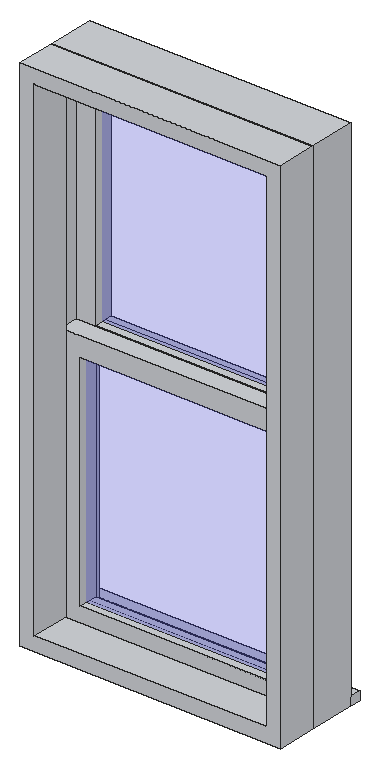
Revit family "上下拉窗1", category 窗, Revit 2018
Family settings
  主体 = 墙
  总是垂直 = 是
  加载时剪切的空心 = 否
  共享 = 否
  房间计算点 = 否
Parameters (values of type "600 x 1200mm")
  窗扇框宽度 = 45.00 mm
  窗扇框厚度 = 45.00 mm
  Visual Light Transmittance = 0.9
  Solar Heat Gain Coefficient = 0.86
  窗台材质 = none
  Rough Width = 宽度  # 600.00 mm
  Rough Height = 高度  # 1200.00 mm
  构造类型 ID = ""
  高窗平面 [instance] = not(通用窗平面)  # no
  传热系数(U) = 5.5617 W/(m²·K)
  玻璃 = none
  高度 = 1200.00 mm
  通用窗平面 [instance] = yes
  框架宽度 = 20.00 mm
  框架材质 = none
  默认窗台高度 = 900.00 mm
  墙闭合 = 按主体
  宽度 = 600.00 mm
  窗嵌入 = 20.00 mm
  分析构造 = 大型单层玻璃窗
Reference planes
  plane 1 "中心(前/后)": y = 0
  plane 2: z = 0
  plane 3 "中心(左/右)": x = 0
  plane 4 "左": x = -300
  plane 5 "右": x = 300
  plane 6 "窗台": z = 900
  plane 7 "水头": z = 2100
  plane 8 "外部": y = 99.762
  plane 9 "内部": y = -100.238
  plane 10: x = -268
  plane 11: x = -280
  plane 12: x = 280
  plane 13: x = -235
  plane 14: x = 235
  plane 15: z = 1477.5
  plane 16: z = 1522.5
  plane 17: z = 2035
  plane 18: z = 965
  plane 19: y = 79.762
  plane 20 "轴线": y = 34.762
  plane 21: x = 268
  plane 22: y = 57.262
  plane 23: z = 1500
  plane 24: z = 920
  plane 25: z = 2080
  plane 26: z = 1200
  plane 27: y = -10.238
  plane 28: y = 12.262
Forms (mm)
  Extrusion 1, solid, material <- "框架材质"
    sketch origin (0, 0, 0) x (1, 0, 0) y (0, 0, 1)
      loop
        line (-300, 2100) -> (-300, 900) -> (300, 900) -> (300, 2100) -> (-300, 2100)
      loop
        line (-280, 2080) -> (-280, 920) -> (280, 920) -> (280, 2080) -> (-280, 2080)
    from -99.762 to 10.238
  Extrusion 2, solid, material <- "框架材质"
    sketch origin (0, 0, 0) x (-1, 0, 0) y (0, 0, 1)
      loop
        line (-300, 2100) -> (-300, 900) -> (300, 900) -> (300, 2100) -> (-300, 2100)
      loop
        line (-268, 2068) -> (-268, 932) -> (268, 932) -> (268, 2068) -> (-268, 2068)
    from -10.238 to -100.238
  Extrusion 3, solid, material <- "框架材质"
    sketch origin (0, 0, 0) x (-1, 0, 0) y (0, 0, 1)
      loop
        line (-280, 2080) -> (-280, 1477.5) -> (280, 1477.5) -> (280, 2080) -> (-280, 2080)
      loop
        line (-235, 2035) -> (-235, 1522.5) -> (235, 1522.5) -> (235, 2035) -> (-235, 2035)
    from 34.762 to 79.762
  Extrusion 4, solid, material <- "窗台材质", detail levels fine
    sketch origin (0, 0, 0) x (-1, 0, 0) y (0, 0, 1)
      loop
        line (-300, 920) -> (-300, 900) -> (300, 900) -> (300, 920) -> (-300, 920)
    from 99.762 to 124.762
  Extrusion 5, solid, material <- "框架材质"
    sketch origin (0, -90, 0) x (-1, 0, 0) y (0, 0, 1)
      loop
        line (-280, 1522.5) -> (-280, 920) -> (280, 920) -> (280, 1522.5) -> (-280, 1522.5)
      loop
        line (-235, 1477.5) -> (-235, 965) -> (235, 965) -> (235, 1477.5) -> (-235, 1477.5)
    from 79.762 to 124.762
  Extrusion 6, solid, material <- "玻璃"
    sketch origin (0, 79.762, 0) x (-1, 0, 0) y (0, 0, 1)
      loop
        line (-235, 1477.5) -> (-235, 965) -> (235, 965) -> (235, 1477.5) -> (-235, 1477.5)
    from -72.5 to -62.5
  Extrusion 7, solid, material <- "玻璃"
    sketch origin (0, 79.762, 0) x (-1, 0, 0) y (0, 0, 1)
      loop
        line (-235, 2035) -> (-235, 1522.5) -> (235, 1522.5) -> (235, 2035) -> (-235, 2035)
    from -27.5 to -17.5
Lines and regions (mm)
  Opening 1
    outline origin (-1524, -100.238, 0) x (1, 0, 0) y (0, 0, 1)
      loop
        line (1224, 2100) -> (1224, 900) -> (1824, 900) -> (1824, 2100) -> (1224, 2100)
  Masking region 1, visible <- "通用窗平面"
    outline origin (0, 0, 0) x (1, 0, 0) y (0, 1, 0)
      loop
        line (-300, 99.762) -> (-300, -100.238) -> (300, -100.238) -> (300, 99.762) -> (-300, 99.762)
  Masking region 2
    outline origin (0, 0, 0) x (0, 1, 0) y (0, 0, 1)
      loop
        line (99.762, 2100) -> (-100.238, 2100) -> (-100.238, 900) -> (99.762, 900) -> (99.762, 2100)
  symbolic lines, style "平/剖面打开方向 - 实线", visible <- "通用窗平面"
    curve 1: line (-300, 99.762, 0) -> (-300, -100.238, 0)
    curve 2: line (300, 99.762, 0) -> (300, -100.238, 0)
    curve 3: line (-300, -100.238, 0) -> (300, -100.238, 0)
    curve 4: line (-300, 99.762, 0) -> (300, 99.762, 0)
    curve 5: line (300, 19.762, 0) -> (-300, 19.762, 0)
    curve 6: line (300, -20.238, 0) -> (-300, -20.238, 0)
  symbolic lines, style "平面打开方向 - 划线", visible <- "高窗平面"
    curve 7: line (-300, -20.238, 0) -> (300, -20.238, 0)
    curve 8: line (-300, 19.762, 0) -> (300, 19.762, 0)
    curve 9: line (-300, 99.762, 0) -> (-300, -100.238, 0)
    curve 10: line (300, 99.762, 0) -> (300, -100.238, 0)
  symbolic lines, style "平/剖面打开方向 - 实线"
    curve 11: line (0, 19.762, 2100) -> (0, 19.762, 900)
    curve 12: line (0, -20.238, 2100) -> (0, -20.238, 900)
    curve 13: line (0, 100, 2100) -> (0, -100.238, 2100)
    curve 14: line (0, 100, 900) -> (0, -100.238, 900)
    curve 15: line (0, 100, 900) -> (0, 100, 2100)
    curve 16: line (0, -100.238, 900) -> (0, -100.238, 2100)
  symbolic lines, style "InvisibleLines"
    curve 17: line (300, 79.762, 1500) -> (-300, 79.762, 1500)
  symbolic lines, style "立面打开方向 - 实线"
    curve 18: line (0, 79.762, 1350) -> (0, 79.762, 1050)
    curve 19: line (0, 79.762, 1350) -> (-34.202, 79.762, 1256.031)
    curve 20: line (0, 79.762, 1350) -> (34.202, 79.762, 1256.031)
Text (mm)
  text "EXTERIOR" at (-1437.207, 1172.171, 0), in view "参照标高"
  text "INTERIOR" at (-1490.695, -972.33, 0), in view "参照标高"
  text "Exterior" at (0, 1108.87, 2360.591), in view "左"
  text "Exterior" at (0, 464.664, 2711.443), in view "右"
Dimensions and locks
  equal spacing: plane 4 "左", plane 3 "中心(左/右)", plane 5 "右"
  "宽度": plane 4 "左" to plane 5 "右"
  plane 6 "窗台" to plane 7 "水头" = 1200.00 mm
  "高度": plane 7 "水头" to plane 6 "窗台"
  "默认窗台高度": plane 6 "窗台" to plane 2
  "框架宽度": plane 4 "左" to plane 11
  "框架宽度": plane 12 to plane 5 "右"
  "窗扇框宽度": plane 11 to plane 13
  "窗扇框宽度": plane 14 to plane 12
  locked: Extrusion 4 to plane 8 "外部" at 25
  locked: plane 11 to plane 10 at 12
  locked: plane 21 to plane 12 at 12
  "框架宽度": plane 6 "窗台" to plane 24
  "框架宽度": plane 25 to plane 7 "水头"
  "窗扇框宽度": plane 17 to plane 25
  "窗扇框宽度": plane 24 to plane 18
  equal spacing: plane 6 "窗台", plane 23, plane 7 "水头"
  equal spacing: plane 15, plane 23, plane 16
  "窗扇框宽度": plane 15 to plane 16
  equal spacing: curve 5, host wall, curve 6
  locked: curve 5 to curve 6 at 40
  "窗嵌入": plane 8 "外部" to plane 19
  locked: curve 11 to curve 12 at 40
  locked: curve 20 to curve 18 at 300
  locked: curve 20 to curve 20 at 100
  locked: curve 20 to curve 19 at 100
  equal spacing: curve 18, plane 26, curve 20
  equal spacing: plane 6 "窗台", plane 26, plane 23
  equal spacing: Extrusion 6, plane 28, Extrusion 6
  locked: Extrusion 6 to Extrusion 6 at 10
  equal spacing: Extrusion 7, plane 22, Extrusion 7
  locked: Extrusion 7 to Extrusion 7 at 10
  equal spacing: plane 19, plane 20 "轴线", plane 27
  "窗扇框厚度": plane 19 to plane 20 "轴线"
  equal spacing: plane 19, plane 22, plane 20 "轴线"
  equal spacing: plane 20 "轴线", plane 28, plane 27
  equal spacing: curve 11, host wall, curve 12
  locked: Extrusion 2 to plane 25 at 12
  locked: plane 24 to Extrusion 2 at 12
  locked: curve 18 to curve 19 (angle 20.00°)
  locked: curve 20 to curve 18 (angle 20.00°)
  aligned and locked: plane 7 "水头" to Opening 1 sketch curve
  aligned and locked: plane 6 "窗台" to Opening 1 sketch curve  (x2)
  aligned and locked: plane 5 "右" to Opening 1 sketch curve
  aligned and locked: plane 4 "左" to Opening 1 sketch curve
  aligned and locked: plane 9 "内部" to host wall
  aligned and locked: host wall to Extrusion 2
  aligned and locked: plane 8 "外部" to host wall
  aligned and locked: host wall to Extrusion 1
  aligned and locked: Extrusion 4 to host wall
  aligned: Extrusion 1 to Extrusion 2
  aligned and locked: Extrusion 2 sketch curve to plane 5 "右"
  aligned and locked: plane 7 "水头" to Extrusion 2 sketch curve
  aligned and locked: Extrusion 2 sketch curve to plane 4 "左"
  aligned and locked: plane 6 "窗台" to Extrusion 2 sketch curve
  aligned and locked: Extrusion 2 sketch curve to plane 10
  aligned and locked: Extrusion 1 sketch curve to plane 5 "右"
  aligned and locked: Extrusion 1 sketch curve to plane 7 "水头"
  aligned and locked: Extrusion 1 sketch curve to plane 4 "左"
  aligned and locked: Extrusion 1 sketch curve to plane 6 "窗台"
  aligned and locked: plane 12 to Extrusion 1 sketch curve
  aligned and locked: Extrusion 1 sketch curve to plane 11
  aligned and locked: plane 6 "窗台" to Extrusion 4 sketch curve
  aligned and locked: Extrusion 4 sketch curve to plane 5 "右"
  aligned and locked: Extrusion 4 sketch curve to plane 4 "左"
  aligned and locked: Extrusion 4 sketch curve to plane 24
  aligned and locked: plane 24 to Extrusion 1 sketch curve
  aligned and locked: Extrusion 3 sketch curve to plane 25
  aligned and locked: Extrusion 1 to Extrusion 3 sketch curve
  aligned and locked: plane 15 to Extrusion 3 sketch curve
  aligned and locked: Extrusion 3 sketch curve to plane 11
  aligned and locked: Extrusion 3 sketch curve to plane 14
  aligned and locked: Extrusion 3 sketch curve to plane 17
  aligned and locked: Extrusion 3 sketch curve to plane 13
  aligned and locked: plane 16 to Extrusion 3 sketch curve
  aligned and locked: plane 25 to Extrusion 1 sketch curve
  aligned and locked: Masking region 1 sketch curve to plane 4 "左"
  aligned and locked: plane 5 "右" to Masking region 1 sketch curve
  aligned and locked: Masking region 1 sketch curve to plane 8 "外部"
  aligned and locked: plane 9 "内部" to Masking region 1 sketch curve
  aligned and locked: Extrusion 2 to plane 9 "内部"
  aligned and locked: curve 4 to plane 8 "外部"
  aligned and locked: curve 3 to plane 9 "内部"
  aligned and locked: plane 4 "左" to curve 9
  aligned and locked: curve 6 to curve 7
  aligned and locked: curve 5 to curve 8
  aligned and locked: plane 5 "右" to curve 10
  aligned and locked: Masking region 2 sketch curve to plane 6 "窗台"
  aligned and locked: Masking region 2 sketch curve to plane 8 "外部"
  aligned and locked: plane 9 "内部" to Masking region 2 sketch curve
  aligned and locked: plane 7 "水头" to Masking region 2 sketch curve
  aligned and locked: plane 7 "水头" to curve 13
  aligned and locked: plane 6 "窗台" to curve 14
  aligned and locked: plane 8 "外部" to Extrusion 1
  aligned and locked: curve 16 to plane 9 "内部"
  aligned and locked: plane 23 to curve 17
  aligned and locked: plane 3 "中心(左/右)" to curve 18
  aligned and locked: Extrusion 1 to Extrusion 5
  aligned and locked: Extrusion 3 to plane 20 "轴线"
  aligned and locked: plane 19 to Extrusion 3
  aligned and locked: Extrusion 5 to plane 27
  aligned and locked: plane 27 to Extrusion 2
  aligned and locked: Extrusion 6 sketch curve to plane 13
  aligned and locked: Extrusion 6 sketch curve to plane 14
  aligned and locked: plane 18 to Extrusion 6 sketch curve
  aligned and locked: Extrusion 6 sketch curve to plane 15
  aligned and locked: plane 20 "轴线" to Extrusion 5
  aligned and locked: Extrusion 7 sketch curve to Extrusion 3  (x4)
Automatic sketch dimensions
  Extrusion 2 sketch curve to plane 21 = 0.00 mm
  plane 24 to Extrusion 2 sketch curve = 12.00 mm
  Extrusion 2 sketch curve to plane 25 = 12.00 mm
  host wall to curve 15 = 0.238 mm
  Extrusion 3 to curve 17 = 20.00 mm  (x2)
  Extrusion 5 sketch curve to plane 12 = 0.00 mm
  Extrusion 5 sketch curve to plane 14 = 0.00 mm
  plane 13 to Extrusion 5 sketch curve = 0.00 mm
  plane 11 to Extrusion 5 sketch curve = 0.00 mm
  Extrusion 5 sketch curve to plane 24 = 0.00 mm
  Extrusion 5 sketch curve to plane 18 = 0.00 mm
  Extrusion 5 sketch curve to plane 15 = 0.00 mm
  Extrusion 5 sketch curve to plane 16 = 0.00 mm
